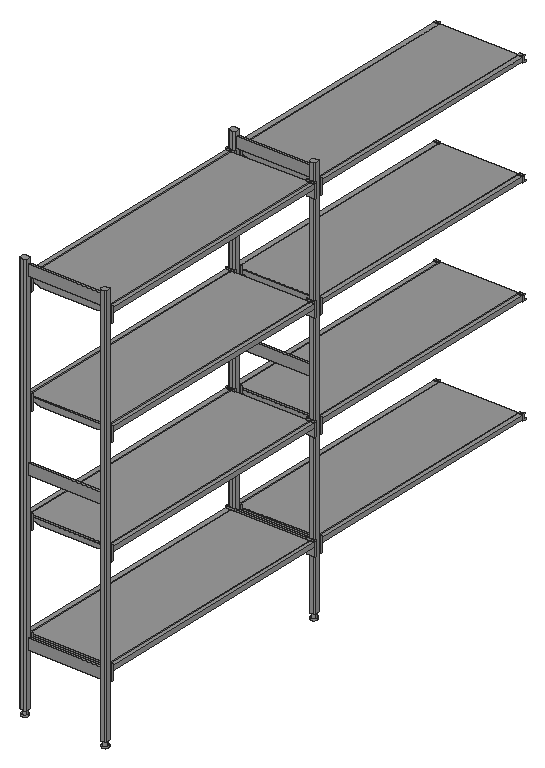
Revit family "QF_ELECTROLUXPROFESSIONAL_137065_ACS2192", category Attrezzature speciali, Revit 2020 (continued)
Definition of nested family "WT_Aggancio373"
  Lines and regions (mm)
    symbolic lines
      curve 7: line (-408, 23, 0) -> (-412, 23, 0)
      curve 8: line (-408, 3.978, 0) -> (-408, 23, 0)
  Dimensions and locks
    "Height": plane 5 "TOP" to level
    "Depth": plane 3 "BACK" to plane 4 "FRONT"
    "Dint": plane 7 to plane 8
    equal spacing: plane 7, plane 6 "Center (Front/Back)", plane 8
    equal spacing: plane 3 "BACK", plane 6 "Center (Front/Back)", plane 4 "FRONT"
    plane 9 "FEET" to level = 25.0 mm
    plane 5 "TOP" to plane 9 "FEET" = 1700.0 mm
    plane 10 to plane 9 "FEET" = 250.0 mm
    plane 11 to plane 10 = 450.0 mm
    plane 12 to plane 11 = 450.0 mm
    plane 13 to plane 12 = 450.0 mm
    locked: plane 3 "BACK" to plane 15 "CYBack" at 17.5
    locked: plane 16 "CYFront" to plane 4 "FRONT" at 17.5
    aligned and locked: level to plane 1
    aligned and locked: Extrusion 1 sketch curve to Extrusion 1 sketch curve  (x3)
  Automatic sketch dimensions
    plane 16 "CYFront" to Extrusion 1 sketch curve = 1.478 mm  (x4)
    Extrusion 1 sketch curve to Extrusion 1 sketch curve = 2.0 mm
    plane 8 to Extrusion 1 sketch curve = 3.478 mm  (x4)
    Extrusion 1 sketch curve to plane 10 = 4.006 mm
    Extrusion 1 sketch curve to Extrusion 1 sketch curve = 34.0 mm  (x4)
    Extrusion 1 sketch curve to plane 11 = 4.006 mm
    Extrusion 1 sketch curve to plane 12 = 4.006 mm
    Extrusion 1 sketch curve to plane 13 = 4.006 mm
    Extrusion 1 sketch curve to plane 7 = 37.522 mm  (x4)
    Extrusion 1 sketch curve to plane 7 = 3.522 mm  (x4)
    plane 14 to Extrusion 1 sketch curve = 3.516 mm  (x4)
    plane 14 to Extrusion 1 sketch curve = 1.522 mm  (x4)
    plane 10 to Extrusion 1 sketch curve = 7.998 mm  (x2)
    Extrusion 1 sketch curve to Extrusion 1 sketch curve = 11.498 mm  (x4)
    Extrusion 1 sketch curve to Extrusion 1 sketch curve = 6.499 mm  (x8)
    plane 11 to Extrusion 1 sketch curve = 7.998 mm  (x2)
    plane 12 to Extrusion 1 sketch curve = 7.998 mm  (x2)
    plane 13 to Extrusion 1 sketch curve = 7.998 mm  (x2)
    plane 2 "LEFT" to Extrusion 2 sketch curve = 0.0 mm  (x4)
    plane 13 to Extrusion 2 sketch curve = 7.996 mm
    plane 11 to Extrusion 2 sketch curve = 7.996 mm
    Extrusion 2 sketch curve to Extrusion 2 sketch curve = 5.0 mm  (x4)
    plane 11 to Extrusion 2 sketch curve = 2.494 mm
    plane 10 to Extrusion 2 sketch curve = 28.996 mm
    Extrusion 2 sketch curve to Extrusion 2 sketch curve = 3.0 mm  (x4)
    plane 10 to Extrusion 2 sketch curve = 7.996 mm
    plane 10 to Extrusion 2 sketch curve = 2.494 mm
    Extrusion 2 sketch curve to Extrusion 2 sketch curve = 18.0 mm  (x3)
    plane 12 to Extrusion 2 sketch curve = 2.494 mm
    plane 12 to Extrusion 2 sketch curve = 7.996 mm
    plane 13 to Extrusion 2 sketch curve = 2.494 mm
    plane 2 "LEFT" to Extrusion 3 sketch curve = 0.0 mm  (x4)
    plane 13 to Extrusion 3 sketch curve = 7.996 mm
    plane 11 to Extrusion 3 sketch curve = 7.996 mm
    Extrusion 3 sketch curve to Extrusion 3 sketch curve = 5.0 mm  (x4)
    plane 11 to Extrusion 3 sketch curve = 2.494 mm
    plane 10 to Extrusion 3 sketch curve = 28.996 mm
    Extrusion 3 sketch curve to Extrusion 3 sketch curve = 3.0 mm  (x4)
    plane 10 to Extrusion 3 sketch curve = 7.996 mm
    plane 10 to Extrusion 3 sketch curve = 2.494 mm
    Extrusion 3 sketch curve to Extrusion 3 sketch curve = 18.0 mm  (x3)
    plane 12 to Extrusion 3 sketch curve = 2.494 mm
    plane 12 to Extrusion 3 sketch curve = 7.996 mm
    plane 13 to Extrusion 3 sketch curve = 2.494 mm
    plane 2 "LEFT" to curve 1 = 5.0 mm
    plane 2 "LEFT" to curve 7 = 5.0 mm
    curve 1 to plane 16 "CYFront" = 17.5 mm
    curve 3 to plane 8 = 12.522 mm
    plane 7 to curve 5 = 12.478 mm
    curve 7 to plane 14 = 17.5 mm
    curve 5 to curve 5 = 4.0 mm
    curve 1 to curve 4 = 4.0 mm
    Extrusion 2 sketch curve to Extrusion 2 sketch curve = 4.0 mm  (x4)
    Extrusion 2 sketch curve to Extrusion 2 sketch curve = 8.969 mm  (x4)
    Extrusion 3 sketch curve to Extrusion 3 sketch curve = 4.0 mm  (x4)
    Extrusion 3 sketch curve to Extrusion 3 sketch curve = 8.969 mm  (x4)
